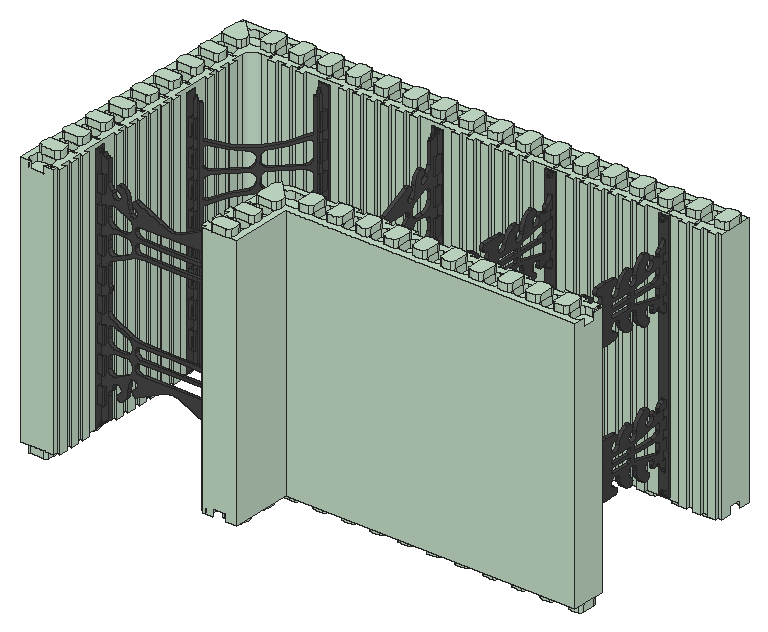
Revit family (continued)
Definition of nested family "10-inch Insert Web"
  Forms (mm)
    Extrusion 2, solid, material "High Density Polystyrene"
      sketch origin (0, 0, 0) x (0, 1, 0) y (0, 0, 1)
        loop
          line (98.425, 129.762) -> (83.82, 129.762)
          arc (83.82, 129.762) -> (74.84, 126.042) -> (71.12, 117.062) r 12.7
          line (71.12, 117.062) -> (71.12, 113.82)
          arc (71.12, 113.82) -> (73.104, 107.004) -> (78.437, 102.318) r 12.7
          line (78.437, 102.318) -> (100.738, 91.881)
          arc (100.738, 91.881) -> (109.887, 92.471) -> (114.3, 100.508) r 9.525
          line (114.3, 100.508) -> (114.3, 113.887)
        loop
          line (-78.437, 161.778) -> (-100.738, 172.215)
          arc (-100.738, 172.215) -> (-109.887, 171.625) -> (-114.3, 163.588) r 9.525
          line (-114.3, 163.588) -> (-114.3, 150.209)
          arc (-114.3, 150.209) -> (-109.65, 138.984) -> (-98.425, 134.334) r 15.875
          line (-98.425, 134.334) -> (-83.82, 134.334)
          arc (-83.82, 134.334) -> (-74.84, 138.054) -> (-71.12, 147.034) r 12.7
          line (-71.12, 147.034) -> (-71.12, 150.275)
          arc (-71.12, 150.275) -> (-73.104, 157.092) -> (-78.437, 161.778) r 12.7
        loop
          line (-114.3, 113.887) -> (-114.3, 100.508)
          arc (-114.3, 100.508) -> (-109.887, 92.471) -> (-100.738, 91.881) r 9.525
          line (-100.738, 91.881) -> (-78.437, 102.318)
          arc (-78.437, 102.318) -> (-73.104, 107.004) -> (-71.12, 113.82) r 12.7
          line (-71.12, 113.82) -> (-71.12, 117.062)
          arc (-71.12, 117.062) -> (-74.84, 126.042) -> (-83.82, 129.762) r 12.7
          line (-83.82, 129.762) -> (-98.425, 129.762)
          arc (-98.425, 129.762) -> (-109.65, 125.112) -> (-114.3, 113.887) r 15.875
      from 3.175 to -3.175
    Extrusion 3, solid, material "High Density Polystyrene"
      sketch origin (0, 0, 0) x (0, 1, 0) y (0, 0, 1)
        loop
          line (132.334, 410.919) -> (119.634, 410.919) -> (119.634, 380.439) -> (132.334, 380.439) -> (132.334, 410.919)
        loop
          line (132.334, 361.389) -> (119.634, 361.389) -> (119.634, 330.909) -> (132.334, 330.909) -> (132.334, 361.389)
        loop
          line (132.334, 311.859) -> (119.634, 311.859) -> (119.634, 281.379) -> (132.334, 281.379) -> (132.334, 311.859)
        loop
          line (132.334, 262.329) -> (119.634, 262.329) -> (119.634, 234.897) -> (132.334, 234.897) -> (132.334, 262.329)
        loop
          line (132.334, 215.847) -> (119.634, 215.847) -> (119.634, 188.415) -> (132.334, 188.415) -> (132.334, 215.847)
        loop
          line (132.334, 169.365) -> (119.634, 169.365) -> (119.634, 138.885) -> (132.334, 138.885) -> (132.334, 169.365)
        loop
          line (132.334, 119.835) -> (119.634, 119.835) -> (119.634, 89.355) -> (132.334, 89.355) -> (132.334, 119.835)
        loop
          line (132.334, 70.305) -> (119.634, 70.305) -> (119.634, 39.825) -> (132.334, 39.825) -> (132.334, 70.305)
        loop
          line (-132.334, 410.919) -> (-132.334, 380.439) -> (-119.634, 380.439) -> (-119.634, 410.919) -> (-132.334, 410.919)
        loop
          line (-132.334, 361.389) -> (-132.334, 330.909) -> (-119.634, 330.909) -> (-119.634, 361.389) -> (-132.334, 361.389)
        loop
          line (-132.334, 311.859) -> (-132.334, 281.379) -> (-119.634, 281.379) -> (-119.634, 311.859) -> (-132.334, 311.859)
        loop
          line (-132.334, 262.329) -> (-132.334, 234.897) -> (-119.634, 234.897) -> (-119.634, 262.329) -> (-132.334, 262.329)
        loop
          line (-132.334, 215.847) -> (-132.334, 188.415) -> (-119.634, 188.415) -> (-119.634, 215.847) -> (-132.334, 215.847)
        loop
          line (-132.334, 169.365) -> (-132.334, 138.885) -> (-119.634, 138.885) -> (-119.634, 169.365) -> (-132.334, 169.365)
        loop
          line (-132.334, 119.835) -> (-132.334, 89.355) -> (-119.634, 89.355) -> (-119.634, 119.835) -> (-132.334, 119.835)
        loop
          line (-132.334, 70.305) -> (-132.334, 39.825) -> (-119.634, 39.825) -> (-119.634, 70.305) -> (-132.334, 70.305)
      from 6.35 to -6.35
    Extrusion 4, void
      sketch origin (0, 50.8, 0) x (1, 0, 0) y (0, 1, 0)
        loop
          line (-6.35, 70.929) -> (-6.35, 68.834) -> (-4.255, 68.834)
          arc (-4.255, 68.834) -> (-5.736, 69.448) -> (-6.35, 70.929) r 2.095
      from 0 to 457.2
    Extrusion 5, void
      sketch origin (0, 50.8, 0) x (-1, 0, 0) y (0, -1, 0)
        loop
          arc (-6.35, -70.929) -> (-5.736, -69.448) -> (-4.255, -68.834) r 2.095
          line (-4.255, -68.834) -> (-6.35, -68.834) -> (-6.35, -70.929)
      from 0 to 457.2
    Extrusion 6, void
      sketch origin (0, -50.8, 0) x (1, 0, 0) y (0, 1, 0)
        loop
          arc (-6.35, -70.929) -> (-5.736, -69.448) -> (-4.255, -68.834) r 2.095
          line (-4.255, -68.834) -> (-6.35, -68.834) -> (-6.35, -70.929)
      from 0 to 457.2
    Extrusion 7, void
      sketch origin (0, -50.8, 0) x (-1, 0, 0) y (0, -1, 0)
        loop
          line (-6.35, 70.929) -> (-6.35, 68.834) -> (-4.255, 68.834)
          arc (-4.255, 68.834) -> (-5.736, 69.448) -> (-6.35, 70.929) r 2.095
      from 0 to 457.2
  Cuts and joins
    Extrusion 4, Extrusion 5, Extrusion 6, Extrusion 7 cuts Extrusion 1
    Extrusion 4, Extrusion 5, Extrusion 6, Extrusion 7 cuts Extrusion 3
Definition of nested family "10-inch Web"
  Reference planes
    plane 1 "Center (Front/Back)": y = 0
    plane 2: z = 0
    plane 3 "Center (Left/Right)": x = 0
  Forms (mm)
    Extrusion 1, solid, material "Polypropylene"
      sketch origin (0, 0, -12.7) x (0, 1, 0) y (0, 0, 1)
        loop
          arc (131.699, 25.02) -> (131.54, 24.651) -> (131.163, 24.513) r 0.508
          line (131.163, 24.513) -> (127.155, 24.735)
          arc (127.155, 24.735) -> (126.778, 24.597) -> (126.619, 24.228) r 0.508
          line (126.619, 24.228) -> (126.619, 22.419)
          arc (126.619, 22.419) -> (126.724, 22.033) -> (127.011, 21.753) r 0.762
          line (127.011, 21.753) -> (131.307, 19.367)
          arc (131.307, 19.367) -> (131.594, 19.087) -> (131.699, 18.7) r 0.762
          line (131.699, 18.7) -> (131.699, 25.02)
        loop
          line (-131.699, 25.02) -> (-131.699, 18.7)
          arc (-131.699, 18.7) -> (-131.594, 19.087) -> (-131.307, 19.367) r 0.762
          line (-131.307, 19.367) -> (-127.011, 21.753)
          arc (-127.011, 21.753) -> (-126.724, 22.033) -> (-126.619, 22.419) r 0.762
          line (-126.619, 22.419) -> (-126.619, 24.228)
          arc (-126.619, 24.228) -> (-126.778, 24.597) -> (-127.155, 24.735) r 0.508
          line (-127.155, 24.735) -> (-131.163, 24.513)
          arc (-131.163, 24.513) -> (-131.54, 24.651) -> (-131.699, 25.02) r 0.508
        loop
          line (125.959, 392.528) -> (125.959, 405.227) -> (123.292, 405.227) -> (123.292, 407.006) -> (129.324, 407.006)
          arc (129.324, 407.006) -> (130.447, 406.541) -> (130.912, 405.418) r 1.587
          line (130.912, 405.418) -> (130.912, 428.268)
          arc (130.912, 428.268) -> (128.581, 420.936) -> (122.445, 416.294) r 12.7
          arc (122.445, 416.294) -> (119.377, 413.974) -> (118.212, 410.308) r 6.35
          line (118.212, 410.308) -> (118.212, 408.593)
          arc (118.212, 408.593) -> (118.677, 407.47) -> (119.799, 407.006) r 1.588
          line (119.799, 407.006) -> (121.006, 407.006) -> (121.006, 405.227) -> (118.325, 405.227)
          arc (118.325, 405.227) -> (113.345, 406.096) -> (109.254, 409.064) r 11.21
          arc (109.254, 409.064) -> (104.925, 409.499) -> (104.225, 405.206) r 3.175
          arc (104.225, 405.206) -> (91.953, 393.08) -> (90.498, 410.271) r 9.525
          arc (90.498, 410.271) -> (94.276, 419.474) -> (85.072, 423.253) r 7.035
          arc (85.072, 423.253) -> (72.053, 413.152) -> (67.064, 397.446) r 27.726
          line (67.064, 397.446) -> (67.077, 393.256)
          arc (67.077, 393.256) -> (52.509, 385.897) -> (52.826, 402.215) r 9.525
          arc (52.826, 402.215) -> (56.604, 411.419) -> (47.401, 415.197) r 7.035
          arc (47.401, 415.197) -> (34.716, 406.933) -> (28.7, 393.041) r 26.266
          arc (28.7, 393.041) -> (14.132, 385.682) -> (14.449, 402.001) r 9.525
          arc (14.449, 402.001) -> (16.694, 402.706) -> (19.003, 403.158) r 21.187
          arc (19.003, 403.158) -> (23.197, 409.016) -> (18.131, 414.139) r 5.588
          arc (18.131, 414.139) -> (9.105, 415.393) -> (0, 415.784) r 95.946
          arc (0, 415.784) -> (-9.105, 415.393) -> (-18.131, 414.139) r 95.946
          arc (-18.131, 414.139) -> (-23.197, 409.016) -> (-19.003, 403.158) r 5.588
          arc (-19.003, 403.158) -> (-16.694, 402.706) -> (-14.449, 402.001) r 21.187
          arc (-14.449, 402.001) -> (-14.132, 385.682) -> (-28.7, 393.041) r 9.525
          arc (-28.7, 393.041) -> (-34.716, 406.933) -> (-47.401, 415.197) r 26.266
          arc (-47.401, 415.197) -> (-56.604, 411.419) -> (-52.826, 402.215) r 7.035
          arc (-52.826, 402.215) -> (-52.509, 385.897) -> (-67.077, 393.256) r 9.525
          line (-67.077, 393.256) -> (-67.064, 397.446)
          arc (-67.064, 397.446) -> (-72.053, 413.152) -> (-85.072, 423.253) r 27.726
          arc (-85.072, 423.253) -> (-94.276, 419.474) -> (-90.498, 410.271) r 7.035
          arc (-90.498, 410.271) -> (-91.953, 393.08) -> (-104.225, 405.206) r 9.525
          arc (-104.225, 405.206) -> (-104.925, 409.499) -> (-109.254, 409.064) r 3.175
          arc (-109.254, 409.064) -> (-113.345, 406.096) -> (-118.325, 405.227) r 11.21
          line (-118.325, 405.227) -> (-121.006, 405.227) -> (-121.006, 407.006) -> (-119.799, 407.006)
          arc (-119.799, 407.006) -> (-118.677, 407.47) -> (-118.212, 408.593) r 1.588
          line (-118.212, 408.593) -> (-118.212, 410.308)
          arc (-118.212, 410.308) -> (-119.377, 413.974) -> (-122.445, 416.294) r 6.35
          arc (-122.445, 416.294) -> (-128.581, 420.936) -> (-130.912, 428.268) r 12.7
          line (-130.912, 428.268) -> (-130.912, 405.418)
          arc (-130.912, 405.418) -> (-130.447, 406.541) -> (-129.324, 407.006) r 1.587
          line (-129.324, 407.006) -> (-123.292, 407.006) -> (-123.292, 405.227) -> (-125.959, 405.227) -> (-125.959, 392.528) -> (-123.292, 392.528) -> (-123.292, 390.75) -> (-130.112, 390.75)
          arc (-130.112, 390.75) -> (-131.234, 391.214) -> (-131.699, 392.337) r 1.587
          line (-131.699, 392.337) -> (-131.699, 372.398)
          arc (-131.699, 372.398) -> (-131.234, 373.521) -> (-130.111, 373.986) r 1.587
          line (-130.111, 373.986) -> (-123.292, 373.986) -> (-123.292, 372.208) -> (-125.959, 372.208) -> (-125.959, 359.508) -> (-123.292, 359.508) -> (-123.292, 357.73) -> (-130.112, 357.73)
          arc (-130.112, 357.73) -> (-131.234, 358.194) -> (-131.699, 359.317) r 1.587
          line (-131.699, 359.317) -> (-131.699, 339.378)
          arc (-131.699, 339.378) -> (-131.234, 340.501) -> (-130.111, 340.966) r 1.587
          line (-130.111, 340.966) -> (-123.292, 340.966) -> (-123.292, 339.188) -> (-125.959, 339.188) -> (-125.959, 326.488) -> (-123.292, 326.488) -> (-123.292, 324.71) -> (-130.112, 324.71)
          arc (-130.112, 324.71) -> (-131.234, 325.174) -> (-131.699, 326.297) r 1.588
          line (-131.699, 326.297) -> (-131.699, 311.067) -> (-128.372, 311.067)
          arc (-128.372, 311.067) -> (-125.73, 313.682) -> (-122.445, 315.421) r 12.7
          arc (-122.445, 315.421) -> (-119.377, 317.741) -> (-118.212, 321.408) r 6.35
          line (-118.212, 321.408) -> (-118.212, 323.122)
          arc (-118.212, 323.122) -> (-118.677, 324.245) -> (-119.799, 324.71) r 1.588
          line (-119.799, 324.71) -> (-121.006, 324.71) -> (-121.006, 326.488) -> (-118.325, 326.488)
          arc (-118.325, 326.488) -> (-113.345, 325.619) -> (-109.254, 322.651) r 11.21
          arc (-109.254, 322.651) -> (-104.925, 322.216) -> (-104.225, 326.509) r 3.175
          arc (-104.225, 326.509) -> (-91.953, 338.635) -> (-90.498, 321.444) r 9.525
          arc (-90.498, 321.444) -> (-94.276, 312.241) -> (-85.072, 308.462) r 7.035
          arc (-85.072, 308.462) -> (-72.053, 318.563) -> (-67.064, 334.269) r 27.726
          line (-67.064, 334.269) -> (-67.077, 338.459)
          arc (-67.077, 338.459) -> (-52.509, 345.818) -> (-52.826, 329.5) r 9.525
          arc (-52.826, 329.5) -> (-56.604, 320.296) -> (-47.401, 316.518) r 7.035
          arc (-47.401, 316.518) -> (-34.716, 324.782) -> (-28.7, 338.674) r 26.266
          arc (-28.7, 338.674) -> (-14.132, 346.033) -> (-14.449, 329.714) r 9.525
          arc (-14.449, 329.714) -> (-16.694, 329.009) -> (-19.003, 328.557) r 21.187
          arc (-19.003, 328.557) -> (-23.197, 322.699) -> (-18.131, 317.576) r 5.588
          arc (-18.131, 317.576) -> (-9.105, 316.323) -> (0, 315.931) r 95.946
          arc (0, 315.931) -> (9.105, 316.323) -> (18.131, 317.576) r 95.946
          arc (18.131, 317.576) -> (23.197, 322.699) -> (19.003, 328.557) r 5.588
          arc (19.003, 328.557) -> (16.694, 329.009) -> (14.449, 329.714) r 21.187
          arc (14.449, 329.714) -> (14.132, 346.033) -> (28.7, 338.674) r 9.525
          arc (28.7, 338.674) -> (34.716, 324.782) -> (47.401, 316.518) r 26.266
          arc (47.401, 316.518) -> (56.604, 320.296) -> (52.826, 329.5) r 7.035
          arc (52.826, 329.5) -> (52.509, 345.818) -> (67.077, 338.459) r 9.525
          line (67.077, 338.459) -> (67.064, 334.269)
          arc (67.064, 334.269) -> (72.053, 318.563) -> (85.072, 308.462) r 27.726
          arc (85.072, 308.462) -> (94.276, 312.241) -> (90.498, 321.444) r 7.035
          arc (90.498, 321.444) -> (91.953, 338.635) -> (104.225, 326.509) r 9.525
          arc (104.225, 326.509) -> (104.925, 322.216) -> (109.254, 322.651) r 3.175
          arc (109.254, 322.651) -> (113.345, 325.619) -> (118.325, 326.488) r 11.21
          line (118.325, 326.488) -> (121.006, 326.488) -> (121.006, 324.71) -> (119.799, 324.71)
          arc (119.799, 324.71) -> (118.677, 324.245) -> (118.212, 323.122) r 1.588
          line (118.212, 323.122) -> (118.212, 321.408)
          arc (118.212, 321.408) -> (119.377, 317.741) -> (122.445, 315.421) r 6.35
          arc (122.445, 315.421) -> (125.73, 313.682) -> (128.372, 311.067) r 12.7
          line (128.372, 311.067) -> (131.699, 311.067) -> (131.699, 326.297)
          arc (131.699, 326.297) -> (131.234, 325.174) -> (130.112, 324.71) r 1.588
          line (130.112, 324.71) -> (123.292, 324.71) -> (123.292, 326.488) -> (125.959, 326.488) -> (125.959, 339.188) -> (123.292, 339.188) -> (123.292, 340.966) -> (130.111, 340.966)
          arc (130.111, 340.966) -> (131.234, 340.501) -> (131.699, 339.378) r 1.587
          line (131.699, 339.378) -> (131.699, 359.317)
          arc (131.699, 359.317) -> (131.234, 358.194) -> (130.112, 357.73) r 1.587
          line (130.112, 357.73) -> (123.292, 357.73) -> (123.292, 359.508) -> (125.959, 359.508) -> (125.959, 372.208) -> (123.292, 372.208) -> (123.292, 373.986) -> (130.111, 373.986)
          arc (130.111, 373.986) -> (131.234, 373.521) -> (131.699, 372.398) r 1.587
          line (131.699, 372.398) -> (131.699, 392.337)
          arc (131.699, 392.337) -> (131.234, 391.214) -> (130.112, 390.75) r 1.587
          line (130.112, 390.75) -> (123.292, 390.75) -> (123.292, 392.528) -> (125.959, 392.528)
        loop
          line (118.339, 372.208) -> (121.006, 372.208) -> (121.006, 373.986) -> (119.799, 373.986)
          arc (119.799, 373.986) -> (118.677, 374.45) -> (118.212, 375.573) r 1.588
          line (118.212, 375.573) -> (118.212, 389.162)
          arc (118.212, 389.162) -> (118.677, 390.285) -> (119.799, 390.75) r 1.588
          line (119.799, 390.75) -> (121.006, 390.75) -> (121.006, 392.528) -> (118.339, 392.528) -> (62.013, 379.913)
          arc (62.013, 379.913) -> (60.228, 378.8) -> (59.531, 376.815) r 3.175
          line (59.531, 376.815) -> (59.531, 371.423)
          arc (59.531, 371.423) -> (60.461, 369.178) -> (62.706, 368.248) r 3.175
          line (62.706, 368.248) -> (104.299, 368.248)
          arc (104.299, 368.248) -> (110.167, 369.293) -> (115.707, 371.488) r 29.724
          arc (115.707, 371.488) -> (116.978, 372.012) -> (118.339, 372.208) r 5.556
        loop
          line (118.339, 339.188) -> (121.006, 339.188) -> (121.006, 340.966) -> (119.799, 340.966)
          arc (119.799, 340.966) -> (118.677, 341.43) -> (118.212, 342.553) r 1.588
          line (118.212, 342.553) -> (118.212, 356.142)
          arc (118.212, 356.142) -> (118.677, 357.265) -> (119.799, 357.73) r 1.588
          line (119.799, 357.73) -> (121.006, 357.73) -> (121.006, 359.508) -> (118.339, 359.508)
          arc (118.339, 359.508) -> (116.978, 359.703) -> (115.707, 360.227) r 5.556
          arc (115.707, 360.227) -> (110.167, 362.422) -> (104.299, 363.467) r 29.724
          line (104.299, 363.467) -> (62.706, 363.467)
          arc (62.706, 363.467) -> (60.461, 362.537) -> (59.531, 360.292) r 3.175
          line (59.531, 360.292) -> (59.531, 354.9)
          arc (59.531, 354.9) -> (60.228, 352.916) -> (62.013, 351.802) r 3.175
          line (62.013, 351.802) -> (118.339, 339.188)
        loop
          line (131.699, 457.58) -> (131.699, 463.9)
          arc (131.699, 463.9) -> (131.594, 463.513) -> (131.307, 463.233) r 0.762
          line (131.307, 463.233) -> (127.011, 460.847)
          arc (127.011, 460.847) -> (126.724, 460.567) -> (126.619, 460.181) r 0.762
          line (126.619, 460.181) -> (126.619, 458.372)
          arc (126.619, 458.372) -> (126.778, 458.003) -> (127.155, 457.865) r 0.508
          line (127.155, 457.865) -> (131.163, 458.087)
          arc (131.163, 458.087) -> (131.54, 457.949) -> (131.699, 457.58) r 0.508
        loop
          arc (-131.699, 457.58) -> (-131.54, 457.949) -> (-131.163, 458.087) r 0.508
          line (-131.163, 458.087) -> (-127.155, 457.865)
          arc (-127.155, 457.865) -> (-126.778, 458.003) -> (-126.619, 458.372) r 0.508
          line (-126.619, 458.372) -> (-126.619, 460.181)
          arc (-126.619, 460.181) -> (-126.724, 460.567) -> (-127.011, 460.847) r 0.762
          line (-127.011, 460.847) -> (-131.307, 463.233)
          arc (-131.307, 463.233) -> (-131.594, 463.513) -> (-131.699, 463.9) r 0.762
          line (-131.699, 463.9) -> (-131.699, 457.58)
        loop
          line (51.594, 379.293) -> (15.031, 379.293)
          arc (15.031, 379.293) -> (9.519, 373.782) -> (15.031, 368.27) r 5.512
          line (15.031, 368.27) -> (51.594, 368.27)
          arc (51.594, 368.27) -> (53.839, 369.2) -> (54.769, 371.445) r 3.175
          line (54.769, 371.445) -> (54.769, 376.118)
          arc (54.769, 376.118) -> (53.839, 378.363) -> (51.594, 379.293) r 3.175
        loop
          line (15.031, 352.422) -> (51.594, 352.422)
          arc (51.594, 352.422) -> (53.839, 353.352) -> (54.769, 355.597) r 3.175
          line (54.769, 355.597) -> (54.769, 360.27)
          arc (54.769, 360.27) -> (53.839, 362.515) -> (51.594, 363.445) r 3.175
          line (51.594, 363.445) -> (15.031, 363.445)
          arc (15.031, 363.445) -> (9.519, 357.933) -> (15.031, 352.422) r 5.512
        loop
          arc (-118.339, 372.208) -> (-116.978, 372.012) -> (-115.707, 371.488) r 5.556
          arc (-115.707, 371.488) -> (-110.167, 369.293) -> (-104.299, 368.248) r 29.724
          line (-104.299, 368.248) -> (-62.706, 368.248)
          arc (-62.706, 368.248) -> (-60.461, 369.178) -> (-59.531, 371.423) r 3.175
          line (-59.531, 371.423) -> (-59.531, 376.815)
          arc (-59.531, 376.815) -> (-60.228, 378.8) -> (-62.013, 379.913) r 3.175
          line (-62.013, 379.913) -> (-118.339, 392.528) -> (-121.006, 392.528) -> (-121.006, 390.75) -> (-119.799, 390.75)
          arc (-119.799, 390.75) -> (-118.677, 390.285) -> (-118.212, 389.162) r 1.588
          line (-118.212, 389.162) -> (-118.212, 375.573)
          arc (-118.212, 375.573) -> (-118.677, 374.45) -> (-119.799, 373.986) r 1.588
          line (-119.799, 373.986) -> (-121.006, 373.986) -> (-121.006, 372.208) -> (-118.339, 372.208)
        loop
          line (-118.339, 339.188) -> (-62.013, 351.802)
          arc (-62.013, 351.802) -> (-60.228, 352.916) -> (-59.531, 354.9) r 3.175
          line (-59.531, 354.9) -> (-59.531, 360.292)
          arc (-59.531, 360.292) -> (-60.461, 362.537) -> (-62.706, 363.467) r 3.175
          line (-62.706, 363.467) -> (-104.299, 363.467)
          arc (-104.299, 363.467) -> (-110.167, 362.422) -> (-115.707, 360.227) r 29.724
          arc (-115.707, 360.227) -> (-116.978, 359.703) -> (-118.339, 359.508) r 5.556
          line (-118.339, 359.508) -> (-121.006, 359.508) -> (-121.006, 357.73) -> (-119.799, 357.73)
          arc (-119.799, 357.73) -> (-118.677, 357.265) -> (-118.212, 356.142) r 1.588
          line (-118.212, 356.142) -> (-118.212, 342.553)
          arc (-118.212, 342.553) -> (-118.677, 341.43) -> (-119.799, 340.966) r 1.588
          line (-119.799, 340.966) -> (-121.006, 340.966) -> (-121.006, 339.188) -> (-118.339, 339.188)
        loop
          arc (-51.594, 379.293) -> (-53.839, 378.363) -> (-54.769, 376.118) r 3.175
          line (-54.769, 376.118) -> (-54.769, 371.445)
          arc (-54.769, 371.445) -> (-53.839, 369.2) -> (-51.594, 368.27) r 3.175
          line (-51.594, 368.27) -> (-15.031, 368.27)
          arc (-15.031, 368.27) -> (-9.519, 373.782) -> (-15.031, 379.293) r 5.512
          line (-15.031, 379.293) -> (-51.594, 379.293)
        loop
          arc (-15.031, 352.422) -> (-9.519, 357.933) -> (-15.031, 363.445) r 5.512
          line (-15.031, 363.445) -> (-51.594, 363.445)
          arc (-51.594, 363.445) -> (-53.839, 362.515) -> (-54.769, 360.27) r 3.175
          line (-54.769, 360.27) -> (-54.769, 355.597)
          arc (-54.769, 355.597) -> (-53.839, 353.352) -> (-51.594, 352.422) r 3.175
          line (-51.594, 352.422) -> (-15.031, 352.422)
        loop
          line (125.959, 90.072) -> (123.292, 90.072) -> (123.292, 91.85) -> (130.112, 91.85)
          arc (130.112, 91.85) -> (131.234, 91.386) -> (131.699, 90.263) r 1.587
          line (131.699, 90.263) -> (131.699, 110.202)
          arc (131.699, 110.202) -> (131.234, 109.079) -> (130.111, 108.614) r 1.587
          line (130.111, 108.614) -> (123.292, 108.614) -> (123.292, 110.392) -> (125.959, 110.392) -> (125.959, 123.092) -> (123.292, 123.092) -> (123.292, 124.87) -> (130.112, 124.87)
          arc (130.112, 124.87) -> (131.234, 124.406) -> (131.699, 123.283) r 1.587
          line (131.699, 123.283) -> (131.699, 143.222)
          arc (131.699, 143.222) -> (131.234, 142.099) -> (130.111, 141.634) r 1.587
          line (130.111, 141.634) -> (123.292, 141.634) -> (123.292, 143.412) -> (125.959, 143.412) -> (125.959, 156.112) -> (123.292, 156.112) -> (123.292, 157.89) -> (130.112, 157.89)
          arc (130.112, 157.89) -> (131.234, 157.426) -> (131.699, 156.303) r 1.588
          line (131.699, 156.303) -> (131.699, 171.533) -> (128.372, 171.533)
          arc (128.372, 171.533) -> (125.73, 168.918) -> (122.445, 167.179) r 12.7
          arc (122.445, 167.179) -> (119.377, 164.859) -> (118.212, 161.192) r 6.35
          line (118.212, 161.192) -> (118.212, 159.478)
          arc (118.212, 159.478) -> (118.677, 158.355) -> (119.799, 157.89) r 1.588
          line (119.799, 157.89) -> (121.006, 157.89) -> (121.006, 156.112) -> (118.325, 156.112)
          arc (118.325, 156.112) -> (113.345, 156.981) -> (109.254, 159.949) r 11.21
          arc (109.254, 159.949) -> (104.925, 160.384) -> (104.225, 156.091) r 3.175
          arc (104.225, 156.091) -> (91.953, 143.965) -> (90.498, 161.156) r 9.525
          arc (90.498, 161.156) -> (94.276, 170.359) -> (85.072, 174.138) r 7.035
          arc (85.072, 174.138) -> (72.053, 164.037) -> (67.064, 148.331) r 27.726
          line (67.064, 148.331) -> (67.077, 144.141)
          arc (67.077, 144.141) -> (52.509, 136.782) -> (52.826, 153.1) r 9.525
          arc (52.826, 153.1) -> (56.604, 162.304) -> (47.401, 166.082) r 7.035
          arc (47.401, 166.082) -> (34.716, 157.818) -> (28.7, 143.926) r 26.266
          arc (28.7, 143.926) -> (14.132, 136.567) -> (14.449, 152.886) r 9.525
          arc (14.449, 152.886) -> (16.694, 153.591) -> (19.003, 154.043) r 21.187
          arc (19.003, 154.043) -> (23.197, 159.901) -> (18.131, 165.024) r 5.588
          arc (18.131, 165.024) -> (9.105, 166.277) -> (0, 166.669) r 95.946
          arc (0, 166.669) -> (-9.105, 166.277) -> (-18.131, 165.024) r 95.946
          arc (-18.131, 165.024) -> (-23.197, 159.901) -> (-19.003, 154.043) r 5.588
          arc (-19.003, 154.043) -> (-16.694, 153.591) -> (-14.449, 152.886) r 21.187
          arc (-14.449, 152.886) -> (-14.132, 136.567) -> (-28.7, 143.926) r 9.525
          arc (-28.7, 143.926) -> (-34.716, 157.818) -> (-47.401, 166.082) r 26.266
          arc (-47.401, 166.082) -> (-56.604, 162.304) -> (-52.826, 153.1) r 7.035
          arc (-52.826, 153.1) -> (-52.509, 136.782) -> (-67.077, 144.141) r 9.525
          line (-67.077, 144.141) -> (-67.064, 148.331)
          arc (-67.064, 148.331) -> (-72.053, 164.037) -> (-85.072, 174.138) r 27.726
          arc (-85.072, 174.138) -> (-94.276, 170.359) -> (-90.498, 161.156) r 7.035
          arc (-90.498, 161.156) -> (-91.953, 143.965) -> (-104.225, 156.091) r 9.525
          arc (-104.225, 156.091) -> (-104.925, 160.384) -> (-109.254, 159.949) r 3.175
          arc (-109.254, 159.949) -> (-113.345, 156.981) -> (-118.325, 156.112) r 11.21
          line (-118.325, 156.112) -> (-121.006, 156.112) -> (-121.006, 157.89) -> (-119.799, 157.89)
          arc (-119.799, 157.89) -> (-118.677, 158.355) -> (-118.212, 159.478) r 1.588
          line (-118.212, 159.478) -> (-118.212, 161.192)
          arc (-118.212, 161.192) -> (-119.377, 164.859) -> (-122.445, 167.179) r 6.35
          arc (-122.445, 167.179) -> (-125.73, 168.918) -> (-128.372, 171.533) r 12.7
          line (-128.372, 171.533) -> (-131.699, 171.533) -> (-131.699, 156.303)
          arc (-131.699, 156.303) -> (-131.234, 157.426) -> (-130.112, 157.89) r 1.588
          line (-130.112, 157.89) -> (-123.292, 157.89) -> (-123.292, 156.112) -> (-125.959, 156.112) -> (-125.959, 143.412) -> (-123.292, 143.412) -> (-123.292, 141.634) -> (-130.111, 141.634)
          arc (-130.111, 141.634) -> (-131.234, 142.099) -> (-131.699, 143.222) r 1.587
          line (-131.699, 143.222) -> (-131.699, 123.283)
          arc (-131.699, 123.283) -> (-131.234, 124.406) -> (-130.112, 124.87) r 1.587
          line (-130.112, 124.87) -> (-123.292, 124.87) -> (-123.292, 123.092) -> (-125.959, 123.092) -> (-125.959, 110.392) -> (-123.292, 110.392) -> (-123.292, 108.614) -> (-130.111, 108.614)
          arc (-130.111, 108.614) -> (-131.234, 109.079) -> (-131.699, 110.202) r 1.587
          line (-131.699, 110.202) -> (-131.699, 90.263)
          arc (-131.699, 90.263) -> (-131.234, 91.386) -> (-130.112, 91.85) r 1.587
          line (-130.112, 91.85) -> (-123.292, 91.85) -> (-123.292, 90.072) -> (-125.959, 90.072) -> (-125.959, 77.373) -> (-123.292, 77.373) -> (-123.292, 75.594) -> (-129.324, 75.594)
          arc (-129.324, 75.594) -> (-130.447, 76.059) -> (-130.912, 77.182) r 1.587
          line (-130.912, 77.182) -> (-130.912, 54.332)
          arc (-130.912, 54.332) -> (-128.581, 61.664) -> (-122.445, 66.306) r 12.7
          arc (-122.445, 66.306) -> (-119.377, 68.626) -> (-118.212, 72.292) r 6.35
          line (-118.212, 72.292) -> (-118.212, 74.007)
          arc (-118.212, 74.007) -> (-118.677, 75.13) -> (-119.799, 75.594) r 1.588
          line (-119.799, 75.594) -> (-121.006, 75.594) -> (-121.006, 77.373) -> (-118.325, 77.373)
          arc (-118.325, 77.373) -> (-113.345, 76.504) -> (-109.254, 73.536) r 11.21
          arc (-109.254, 73.536) -> (-104.925, 73.101) -> (-104.225, 77.394) r 3.175
          arc (-104.225, 77.394) -> (-91.953, 89.52) -> (-90.498, 72.329) r 9.525
          arc (-90.498, 72.329) -> (-94.276, 63.126) -> (-85.072, 59.347) r 7.035
          arc (-85.072, 59.347) -> (-72.053, 69.448) -> (-67.064, 85.154) r 27.726
          line (-67.064, 85.154) -> (-67.077, 89.344)
          arc (-67.077, 89.344) -> (-52.509, 96.703) -> (-52.826, 80.385) r 9.525
          arc (-52.826, 80.385) -> (-56.604, 71.181) -> (-47.401, 67.403) r 7.035
          arc (-47.401, 67.403) -> (-34.716, 75.667) -> (-28.7, 89.559) r 26.266
          arc (-28.7, 89.559) -> (-14.132, 96.918) -> (-14.449, 80.599) r 9.525
          arc (-14.449, 80.599) -> (-16.694, 79.894) -> (-19.003, 79.442) r 21.187
          arc (-19.003, 79.442) -> (-23.197, 73.584) -> (-18.131, 68.461) r 5.588
          arc (-18.131, 68.461) -> (-9.105, 67.207) -> (0, 66.816) r 95.946
          arc (0, 66.816) -> (9.105, 67.207) -> (18.131, 68.461) r 95.946
          arc (18.131, 68.461) -> (23.197, 73.584) -> (19.003, 79.442) r 5.588
          arc (19.003, 79.442) -> (16.694, 79.894) -> (14.449, 80.599) r 21.187
          arc (14.449, 80.599) -> (14.132, 96.918) -> (28.7, 89.559) r 9.525
          arc (28.7, 89.559) -> (34.716, 75.667) -> (47.401, 67.403) r 26.266
          arc (47.401, 67.403) -> (56.604, 71.181) -> (52.826, 80.385) r 7.035
          arc (52.826, 80.385) -> (52.509, 96.703) -> (67.077, 89.344) r 9.525
          line (67.077, 89.344) -> (67.064, 85.154)
          arc (67.064, 85.154) -> (72.053, 69.448) -> (85.072, 59.347) r 27.726
          arc (85.072, 59.347) -> (94.276, 63.126) -> (90.498, 72.329) r 7.035
          arc (90.498, 72.329) -> (91.953, 89.52) -> (104.225, 77.394) r 9.525
          arc (104.225, 77.394) -> (104.925, 73.101) -> (109.254, 73.536) r 3.175
          arc (109.254, 73.536) -> (113.345, 76.504) -> (118.325, 77.373) r 11.21
          line (118.325, 77.373) -> (121.006, 77.373) -> (121.006, 75.594) -> (119.799, 75.594)
          arc (119.799, 75.594) -> (118.677, 75.13) -> (118.212, 74.007) r 1.588
          line (118.212, 74.007) -> (118.212, 72.292)
          arc (118.212, 72.292) -> (119.377, 68.626) -> (122.445, 66.306) r 6.35
          arc (122.445, 66.306) -> (128.581, 61.664) -> (130.912, 54.332) r 12.7
          line (130.912, 54.332) -> (130.912, 77.182)
          arc (130.912, 77.182) -> (130.447, 76.059) -> (129.324, 75.594) r 1.587
          line (129.324, 75.594) -> (123.292, 75.594) -> (123.292, 77.373) -> (125.959, 77.373) -> (125.959, 90.072)
        loop
          arc (118.339, 110.392) -> (116.978, 110.588) -> (115.707, 111.112) r 5.556
          arc (115.707, 111.112) -> (110.167, 113.307) -> (104.299, 114.352) r 29.724
          line (104.299, 114.352) -> (62.706, 114.352)
          arc (62.706, 114.352) -> (60.461, 113.422) -> (59.531, 111.177) r 3.175
          line (59.531, 111.177) -> (59.531, 105.785)
          arc (59.531, 105.785) -> (60.228, 103.8) -> (62.013, 102.687) r 3.175
          line (62.013, 102.687) -> (118.339, 90.072) -> (121.006, 90.072) -> (121.006, 91.85) -> (119.799, 91.85)
          arc (119.799, 91.85) -> (118.677, 92.315) -> (118.212, 93.438) r 1.588
          line (118.212, 93.438) -> (118.212, 107.027)
          arc (118.212, 107.027) -> (118.677, 108.15) -> (119.799, 108.614) r 1.588
          line (119.799, 108.614) -> (121.006, 108.614) -> (121.006, 110.392) -> (118.339, 110.392)
        loop
          line (118.339, 143.412) -> (62.013, 130.798)
          arc (62.013, 130.798) -> (60.228, 129.684) -> (59.531, 127.7) r 3.175
          line (59.531, 127.7) -> (59.531, 122.308)
          arc (59.531, 122.308) -> (60.461, 120.063) -> (62.706, 119.133) r 3.175
          line (62.706, 119.133) -> (104.299, 119.133)
          arc (104.299, 119.133) -> (110.167, 120.178) -> (115.707, 122.373) r 29.724
          arc (115.707, 122.373) -> (116.978, 122.897) -> (118.339, 123.092) r 5.556
          line (118.339, 123.092) -> (121.006, 123.092) -> (121.006, 124.87) -> (119.799, 124.87)
          arc (119.799, 124.87) -> (118.677, 125.335) -> (118.212, 126.458) r 1.588
          line (118.212, 126.458) -> (118.212, 140.047)
          arc (118.212, 140.047) -> (118.677, 141.17) -> (119.799, 141.634) r 1.588
          line (119.799, 141.634) -> (121.006, 141.634) -> (121.006, 143.412) -> (118.339, 143.412)
        loop
          arc (51.594, 103.307) -> (53.839, 104.237) -> (54.769, 106.482) r 3.175
          line (54.769, 106.482) -> (54.769, 111.155)
          arc (54.769, 111.155) -> (53.839, 113.4) -> (51.594, 114.33) r 3.175
          line (51.594, 114.33) -> (15.031, 114.33)
          arc (15.031, 114.33) -> (9.519, 108.818) -> (15.031, 103.307) r 5.512
          line (15.031, 103.307) -> (51.594, 103.307)
        loop
          arc (15.031, 130.178) -> (9.519, 124.667) -> (15.031, 119.155) r 5.512
          line (15.031, 119.155) -> (51.594, 119.155)
          arc (51.594, 119.155) -> (53.839, 120.085) -> (54.769, 122.33) r 3.175
          line (54.769, 122.33) -> (54.769, 127.003)
          arc (54.769, 127.003) -> (53.839, 129.248) -> (51.594, 130.178) r 3.175
          line (51.594, 130.178) -> (15.031, 130.178)
        loop
          line (-118.339, 110.392) -> (-121.006, 110.392) -> (-121.006, 108.614) -> (-119.799, 108.614)
          arc (-119.799, 108.614) -> (-118.677, 108.15) -> (-118.212, 107.027) r 1.588
          line (-118.212, 107.027) -> (-118.212, 93.438)
          arc (-118.212, 93.438) -> (-118.677, 92.315) -> (-119.799, 91.85) r 1.588
          line (-119.799, 91.85) -> (-121.006, 91.85) -> (-121.006, 90.072) -> (-118.339, 90.072) -> (-62.013, 102.687)
          arc (-62.013, 102.687) -> (-60.228, 103.8) -> (-59.531, 105.785) r 3.175
          line (-59.531, 105.785) -> (-59.531, 111.177)
          arc (-59.531, 111.177) -> (-60.461, 113.422) -> (-62.706, 114.352) r 3.175
          line (-62.706, 114.352) -> (-104.299, 114.352)
          arc (-104.299, 114.352) -> (-110.167, 113.307) -> (-115.707, 111.112) r 29.724
          arc (-115.707, 111.112) -> (-116.978, 110.588) -> (-118.339, 110.392) r 5.556
        loop
          line (-118.339, 143.412) -> (-121.006, 143.412) -> (-121.006, 141.634) -> (-119.799, 141.634)
          arc (-119.799, 141.634) -> (-118.677, 141.17) -> (-118.212, 140.047) r 1.588
          line (-118.212, 140.047) -> (-118.212, 126.458)
          arc (-118.212, 126.458) -> (-118.677, 125.335) -> (-119.799, 124.87) r 1.588
          line (-119.799, 124.87) -> (-121.006, 124.87) -> (-121.006, 123.092) -> (-118.339, 123.092)
          arc (-118.339, 123.092) -> (-116.978, 122.897) -> (-115.707, 122.373) r 5.556
          arc (-115.707, 122.373) -> (-110.167, 120.178) -> (-104.299, 119.133) r 29.724
          line (-104.299, 119.133) -> (-62.706, 119.133)
          arc (-62.706, 119.133) -> (-60.461, 120.063) -> (-59.531, 122.308) r 3.175
          line (-59.531, 122.308) -> (-59.531, 127.7)
          arc (-59.531, 127.7) -> (-60.228, 129.684) -> (-62.013, 130.798) r 3.175
          line (-62.013, 130.798) -> (-118.339, 143.412)
        loop
          line (-51.594, 103.307) -> (-15.031, 103.307)
          arc (-15.031, 103.307) -> (-9.519, 108.818) -> (-15.031, 114.33) r 5.512
          line (-15.031, 114.33) -> (-51.594, 114.33)
          arc (-51.594, 114.33) -> (-53.839, 113.4) -> (-54.769, 111.155) r 3.175
          line (-54.769, 111.155) -> (-54.769, 106.482)
          arc (-54.769, 106.482) -> (-53.839, 104.237) -> (-51.594, 103.307) r 3.175
        loop
          line (-15.031, 130.178) -> (-51.594, 130.178)
          arc (-51.594, 130.178) -> (-53.839, 129.248) -> (-54.769, 127.003) r 3.175
          line (-54.769, 127.003) -> (-54.769, 122.33)
          arc (-54.769, 122.33) -> (-53.839, 120.085) -> (-51.594, 119.155) r 3.175
          line (-51.594, 119.155) -> (-15.031, 119.155)
          arc (-15.031, 119.155) -> (-9.519, 124.667) -> (-15.031, 130.178) r 5.512
      from -3.175 to 3.175
    Extrusion 2, solid, material "Polypropylene"
      sketch origin (0, 0, 0) x (0, 1, 0) y (0, 0, 1)
        loop
          line (131.699, 452.438) -> (131.699, 4.762)
          arc (131.699, 4.762) -> (132.187, 3.618) -> (133.35, 3.176) r 1.588
          arc (133.35, 3.176) -> (134.513, 3.618) -> (135.001, 4.762) r 1.588
          line (135.001, 4.762) -> (135.001, 452.437)
          arc (135.001, 452.437) -> (134.513, 453.582) -> (133.35, 454.024) r 1.588
          arc (133.35, 454.024) -> (132.187, 453.582) -> (131.699, 452.438) r 1.588
        loop
          arc (-131.699, 452.438) -> (-132.187, 453.582) -> (-133.35, 454.024) r 1.588
          arc (-133.35, 454.024) -> (-134.513, 453.582) -> (-135.001, 452.437) r 1.588
          line (-135.001, 452.437) -> (-135.001, 4.762)
          arc (-135.001, 4.762) -> (-134.513, 3.618) -> (-133.35, 3.176) r 1.588
          arc (-133.35, 3.176) -> (-132.187, 3.618) -> (-131.699, 4.762) r 1.588
          line (-131.699, 4.762) -> (-131.699, 452.438)
      from -9.227 to 9.227
Definition of nested family "NUDURA 10-inch Corner Insert Web"
  Reference planes
    plane 1 "Center (Front/Back)": y = 0
    plane 2: z = 0
    plane 3 "Center (Left/Right)": x = 0
  Forms (mm)
    Extrusion 1, solid, material "Polypropylene"
      sketch origin (0, 46.037, 6.604) x (0, 1, 0) y (0, 0, 1)
        loop
          line (35.719, 0) -> (35.719, 420.18) -> (32.544, 420.18) -> (32.544, 359.855)
          arc (32.544, 359.855) -> (-46.038, 343.98) -> (-124.619, 359.855) r 202.426
          line (-124.619, 359.855) -> (-124.619, 420.18) -> (-127.794, 420.18) -> (-127.794, 0) -> (-124.619, 0) -> (-124.619, 60.325)
          arc (-124.619, 60.325) -> (-46.038, 76.2) -> (32.544, 60.325) r 202.426
          line (32.544, 60.325) -> (32.544, 0) -> (35.719, 0)
        loop
          arc (19.844, 309.849) -> (28.824, 313.569) -> (32.544, 322.549) r 12.7
          line (32.544, 322.549) -> (32.544, 345.485)
          arc (32.544, 345.485) -> (30.083, 350.505) -> (24.607, 351.634) r 6.35
          arc (24.607, 351.634) -> (-4.712, 343.381) -> (-34.925, 339.516) r 207.189
          arc (-34.925, 339.516) -> (-44.485, 324.683) -> (-34.925, 309.849) r 16.288
          line (-34.925, 309.849) -> (19.844, 309.849)
        loop
          line (19.844, 305.087) -> (-34.925, 305.087)
          arc (-34.925, 305.087) -> (-44.485, 290.253) -> (-34.925, 275.42) r 16.288
          arc (-34.925, 275.42) -> (-4.712, 271.555) -> (24.607, 263.302) r 207.189
          arc (24.607, 263.302) -> (30.083, 264.431) -> (32.544, 269.451) r 6.35
          line (32.544, 269.451) -> (32.544, 292.387)
          arc (32.544, 292.387) -> (28.824, 301.367) -> (19.844, 305.087) r 12.7
        loop
          arc (-124.619, 269.451) -> (-122.158, 264.431) -> (-116.682, 263.302) r 6.35
          arc (-116.682, 263.302) -> (-87.363, 271.555) -> (-57.15, 275.42) r 207.189
          arc (-57.15, 275.42) -> (-47.59, 290.253) -> (-57.15, 305.087) r 16.288
          line (-57.15, 305.087) -> (-111.919, 305.087)
          arc (-111.919, 305.087) -> (-120.899, 301.367) -> (-124.619, 292.387) r 12.7
          line (-124.619, 292.387) -> (-124.619, 269.451)
        loop
          line (-124.619, 345.485) -> (-124.619, 322.549)
          arc (-124.619, 322.549) -> (-120.899, 313.569) -> (-111.919, 309.849) r 12.7
          line (-111.919, 309.849) -> (-57.15, 309.849)
          arc (-57.15, 309.849) -> (-47.59, 324.683) -> (-57.15, 339.516) r 16.288
          arc (-57.15, 339.516) -> (-87.363, 343.381) -> (-116.682, 351.634) r 207.189
          arc (-116.682, 351.634) -> (-122.158, 350.505) -> (-124.619, 345.485) r 6.35
        loop
          arc (-124.619, 165.1) -> (-46.038, 149.225) -> (32.544, 165.1) r 202.426
          line (32.544, 165.1) -> (32.544, 255.08)
          arc (32.544, 255.08) -> (-46.038, 270.955) -> (-124.619, 255.08) r 202.426
          line (-124.619, 255.08) -> (-124.619, 165.1)
        loop
          line (19.844, 110.331) -> (-34.925, 110.331)
          arc (-34.925, 110.331) -> (-44.485, 95.498) -> (-34.925, 80.664) r 16.288
          arc (-34.925, 80.664) -> (-4.712, 76.799) -> (24.607, 68.547) r 207.189
          arc (24.607, 68.547) -> (30.083, 69.676) -> (32.544, 74.695) r 6.35
          line (32.544, 74.695) -> (32.544, 97.631)
          arc (32.544, 97.631) -> (28.824, 106.612) -> (19.844, 110.331) r 12.7
        loop
          arc (19.844, 115.094) -> (28.824, 118.813) -> (32.544, 127.794) r 12.7
          line (32.544, 127.794) -> (32.544, 150.73)
          arc (32.544, 150.73) -> (30.083, 155.749) -> (24.607, 156.878) r 6.35
          arc (24.607, 156.878) -> (-4.712, 148.626) -> (-34.925, 144.761) r 207.189
          arc (-34.925, 144.761) -> (-44.485, 129.927) -> (-34.925, 115.094) r 16.288
          line (-34.925, 115.094) -> (19.844, 115.094)
        loop
          line (-124.619, 150.73) -> (-124.619, 127.794)
          arc (-124.619, 127.794) -> (-120.899, 118.813) -> (-111.919, 115.094) r 12.7
          line (-111.919, 115.094) -> (-57.15, 115.094)
          arc (-57.15, 115.094) -> (-47.59, 129.927) -> (-57.15, 144.761) r 16.288
          arc (-57.15, 144.761) -> (-87.363, 148.626) -> (-116.682, 156.878) r 207.189
          arc (-116.682, 156.878) -> (-122.158, 155.749) -> (-124.619, 150.73) r 6.35
        loop
          arc (-124.619, 74.695) -> (-122.158, 69.676) -> (-116.682, 68.547) r 6.35
          arc (-116.682, 68.547) -> (-87.363, 76.799) -> (-57.15, 80.664) r 207.189
          arc (-57.15, 80.664) -> (-47.59, 95.498) -> (-57.15, 110.331) r 16.288
          line (-57.15, 110.331) -> (-111.919, 110.331)
          arc (-111.919, 110.331) -> (-120.899, 106.612) -> (-124.619, 97.631) r 12.7
          line (-124.619, 97.631) -> (-124.619, 74.695)
      from -3.175 to 3.175
    Extrusion 2, solid, material "Polypropylene"
      sketch origin (0, -11.472, 602.181) x (0, 1, 0) y (0, 0, 1)
        loop
          line (-78.222, -595.577) -> (-76.317, -601.419)
          arc (-76.317, -601.419) -> (-75.047, -602.181) -> (-73.777, -601.419) r 1.439
          line (-73.777, -601.419) -> (-71.872, -595.577) -> (-71.872, -175.397) -> (-73.777, -169.555)
          arc (-73.777, -169.555) -> (-75.047, -168.793) -> (-76.317, -169.555) r 1.439
          line (-76.317, -169.555) -> (-78.222, -175.397) -> (-78.222, -595.577)
      from 3.599 to 9.949
    Extrusion 3, solid, material "Polypropylene"
      sketch origin (0, 161.566, 602.181) x (0, 1, 0) y (0, 0, 1)
        loop
          line (-78.222, -595.577) -> (-76.317, -601.419)
          arc (-76.317, -601.419) -> (-75.047, -602.181) -> (-73.777, -601.419) r 1.439
          line (-73.777, -601.419) -> (-71.872, -595.577) -> (-71.872, -175.397) -> (-73.777, -169.555)
          arc (-73.777, -169.555) -> (-75.047, -168.793) -> (-76.317, -169.555) r 1.439
          line (-76.317, -169.555) -> (-78.222, -175.397) -> (-78.222, -595.577)
      from 3.599 to 9.949
    Extrusion 4, solid, material "Polypropylene"
      sketch origin (0, 10.319, 0) x (1, 0, 0) y (0, 1, 0)
        loop
          line (3.175, -89.002) -> (3.175, -92.075) -> (2.353, -92.075) -> (3.599, -96.736) -> (3.599, -93.663) -> (4.421, -93.663) -> (3.175, -89.002)
      from 6.604 to 426.784
    Extrusion 5, solid, material "Polypropylene"
      sketch origin (0, -10.319, 0) x (1, 0, 0) y (0, 1, 0)
        loop
          line (3.175, 89.002) -> (4.421, 93.663) -> (3.599, 93.663) -> (3.599, 96.736) -> (2.353, 92.075) -> (3.175, 92.075) -> (3.175, 89.002)
      from 6.604 to 426.784
Definition of nested family "NUDURA Diamond Pattern"
  Reference planes
    plane 1 "Center (Front/Back)": y = 0
    plane 2: z = 0
    plane 3 "Center (Left/Right)": x = 0
    plane 4: z = 457.2
  Lines and regions (mm)
    model lines
      curve 1: line (203.2, -142.875, 457.2) -> (203.2, -142.875, 0)
      curve 2: line (152.4, -142.875, 457.2) -> (152.4, -142.875, 0)
      curve 3: line (50.8, -142.875, 457.2) -> (50.8, -142.875, 0)
      curve 4: line (85.183, -142.875, 431.415) -> (93.906, -142.875, 422.692)
      curve 5: arc (85.183, -142.875, 444.885) -> (82.394, -142.875, 438.15) -> (85.183, -142.875, 431.415) r 9.525
      curve 6: line (94.708, -142.875, 454.41) -> (85.183, -142.875, 444.885)
      curve 7: arc (108.179, -142.875, 454.41) -> (101.444, -142.875, 457.2) -> (94.708, -142.875, 454.41) r 9.525
      curve 8: line (117.704, -142.875, 444.885) -> (108.179, -142.875, 454.41)
      curve 9: arc (117.704, -142.875, 431.415) -> (120.494, -142.875, 438.15) -> (117.704, -142.875, 444.885) r 9.525
      curve 10: line (108.981, -142.875, 422.692) -> (117.704, -142.875, 431.415)
      curve 11: arc (105.934, -142.875, 452.165) -> (101.444, -142.875, 454.025) -> (96.953, -142.875, 452.165) r 6.35
      curve 12: line (115.459, -142.875, 442.64) -> (105.934, -142.875, 452.165)
      curve 13: arc (115.459, -142.875, 433.66) -> (117.319, -142.875, 438.15) -> (115.459, -142.875, 442.64) r 6.35
      curve 14: line (105.934, -142.875, 424.135) -> (115.459, -142.875, 433.66)
      curve 15: arc (96.953, -142.875, 424.135) -> (101.444, -142.875, 422.275) -> (105.934, -142.875, 424.135) r 6.35
      curve 16: line (87.428, -142.875, 433.66) -> (96.953, -142.875, 424.135)
      curve 17: arc (87.428, -142.875, 442.64) -> (85.569, -142.875, 438.15) -> (87.428, -142.875, 433.66) r 6.35
      curve 18: line (96.953, -142.875, 452.165) -> (87.428, -142.875, 442.64)
      curve 19: arc (93.906, -142.875, 415.508) -> (95.394, -142.875, 419.1) -> (93.906, -142.875, 422.692) r 5.08
      curve 20: line (117.704, -142.875, 406.785) -> (108.981, -142.875, 415.508)
      curve 21: arc (117.704, -142.875, 393.315) -> (120.494, -142.875, 400.05) -> (117.704, -142.875, 406.785) r 9.525
      curve 22: line (108.981, -142.875, 384.592) -> (117.704, -142.875, 393.315)
      curve 23: line (85.183, -142.875, 393.315) -> (93.906, -142.875, 384.592)
      curve 24: arc (85.183, -142.875, 406.785) -> (82.394, -142.875, 400.05) -> (85.183, -142.875, 393.315) r 9.525
      curve 25: line (93.906, -142.875, 415.508) -> (85.183, -142.875, 406.785)
      curve 26: arc (105.934, -142.875, 414.065) -> (101.444, -142.875, 415.925) -> (96.953, -142.875, 414.065) r 6.35
      curve 27: line (96.953, -142.875, 414.065) -> (87.428, -142.875, 404.54)
      curve 28: arc (87.428, -142.875, 404.54) -> (85.569, -142.875, 400.05) -> (87.428, -142.875, 395.56) r 6.35
      curve 29: line (87.428, -142.875, 395.56) -> (96.953, -142.875, 386.035)
      curve 30: arc (96.953, -142.875, 386.035) -> (101.444, -142.875, 384.175) -> (105.934, -142.875, 386.035) r 6.35
      curve 31: line (105.934, -142.875, 386.035) -> (115.459, -142.875, 395.56)
      curve 32: arc (115.459, -142.875, 395.56) -> (117.319, -142.875, 400.05) -> (115.459, -142.875, 404.54) r 6.35
      curve 33: line (115.459, -142.875, 404.54) -> (105.934, -142.875, 414.065)
      curve 34: arc (93.906, -142.875, 377.408) -> (95.394, -142.875, 381) -> (93.906, -142.875, 384.592) r 5.08
      curve 35: line (117.704, -142.875, 368.685) -> (108.981, -142.875, 377.408)
      curve 36: arc (117.704, -142.875, 355.215) -> (120.494, -142.875, 361.95) -> (117.704, -142.875, 368.685) r 9.525
      curve 37: line (108.981, -142.875, 346.492) -> (117.704, -142.875, 355.215)
      curve 38: line (85.183, -142.875, 355.215) -> (93.906, -142.875, 346.492)
      curve 39: arc (85.183, -142.875, 368.685) -> (82.394, -142.875, 361.95) -> (85.183, -142.875, 355.215) r 9.525
      curve 40: line (93.906, -142.875, 377.408) -> (85.183, -142.875, 368.685)
      curve 41: arc (105.934, -142.875, 375.965) -> (101.444, -142.875, 377.825) -> (96.953, -142.875, 375.965) r 6.35
      curve 42: line (96.953, -142.875, 375.965) -> (87.428, -142.875, 366.44)
      curve 43: arc (87.428, -142.875, 366.44) -> (85.569, -142.875, 361.95) -> (87.428, -142.875, 357.46) r 6.35
      curve 44: line (87.428, -142.875, 357.46) -> (96.953, -142.875, 347.935)
      curve 45: arc (96.953, -142.875, 347.935) -> (101.444, -142.875, 346.075) -> (105.934, -142.875, 347.935) r 6.35
      curve 46: line (105.934, -142.875, 347.935) -> (115.459, -142.875, 357.46)
      curve 47: arc (115.459, -142.875, 357.46) -> (117.319, -142.875, 361.95) -> (115.459, -142.875, 366.44) r 6.35
      curve 48: line (115.459, -142.875, 366.44) -> (105.934, -142.875, 375.965)
      curve 49: arc (93.906, -142.875, 339.308) -> (95.394, -142.875, 342.9) -> (93.906, -142.875, 346.492) r 5.08
      curve 50: line (117.704, -142.875, 330.585) -> (108.981, -142.875, 339.308)
      curve 51: arc (117.704, -142.875, 317.115) -> (120.494, -142.875, 323.85) -> (117.704, -142.875, 330.585) r 9.525
      curve 52: line (108.981, -142.875, 308.392) -> (117.704, -142.875, 317.115)
      curve 53: line (85.183, -142.875, 317.115) -> (93.906, -142.875, 308.392)
      curve 54: arc (85.183, -142.875, 330.585) -> (82.394, -142.875, 323.85) -> (85.183, -142.875, 317.115) r 9.525
      curve 55: line (93.906, -142.875, 339.308) -> (85.183, -142.875, 330.585)
      curve 56: arc (105.934, -142.875, 337.865) -> (101.444, -142.875, 339.725) -> (96.953, -142.875, 337.865) r 6.35
      curve 57: line (96.953, -142.875, 337.865) -> (87.428, -142.875, 328.34)
      curve 58: arc (87.428, -142.875, 328.34) -> (85.569, -142.875, 323.85) -> (87.428, -142.875, 319.36) r 6.35
      curve 59: line (87.428, -142.875, 319.36) -> (96.953, -142.875, 309.835)
      curve 60: arc (96.953, -142.875, 309.835) -> (101.444, -142.875, 307.975) -> (105.934, -142.875, 309.835) r 6.35
      curve 61: line (105.934, -142.875, 309.835) -> (115.459, -142.875, 319.36)
      curve 62: arc (115.459, -142.875, 319.36) -> (117.319, -142.875, 323.85) -> (115.459, -142.875, 328.34) r 6.35
      curve 63: line (115.459, -142.875, 328.34) -> (105.934, -142.875, 337.865)
      curve 64: arc (93.906, -142.875, 301.208) -> (95.394, -142.875, 304.8) -> (93.906, -142.875, 308.392) r 5.08
      curve 65: line (117.704, -142.875, 292.485) -> (108.981, -142.875, 301.208)
      curve 66: arc (117.704, -142.875, 279.015) -> (120.494, -142.875, 285.75) -> (117.704, -142.875, 292.485) r 9.525
      curve 67: line (108.981, -142.875, 270.292) -> (117.704, -142.875, 279.015)
      curve 68: line (85.183, -142.875, 279.015) -> (93.906, -142.875, 270.292)
      curve 69: arc (85.183, -142.875, 292.485) -> (82.394, -142.875, 285.75) -> (85.183, -142.875, 279.015) r 9.525
      curve 70: line (93.906, -142.875, 301.208) -> (85.183, -142.875, 292.485)
      curve 71: arc (105.934, -142.875, 299.765) -> (101.444, -142.875, 301.625) -> (96.953, -142.875, 299.765) r 6.35
      curve 72: line (96.953, -142.875, 299.765) -> (87.428, -142.875, 290.24)
      curve 73: arc (87.428, -142.875, 290.24) -> (85.569, -142.875, 285.75) -> (87.428, -142.875, 281.26) r 6.35
      curve 74: line (87.428, -142.875, 281.26) -> (96.953, -142.875, 271.735)
      curve 75: arc (96.953, -142.875, 271.735) -> (101.444, -142.875, 269.875) -> (105.934, -142.875, 271.735) r 6.35
      curve 76: line (105.934, -142.875, 271.735) -> (115.459, -142.875, 281.26)
      curve 77: arc (115.459, -142.875, 281.26) -> (117.319, -142.875, 285.75) -> (115.459, -142.875, 290.24) r 6.35
      curve 78: line (115.459, -142.875, 290.24) -> (105.934, -142.875, 299.765)
      curve 79: arc (93.906, -142.875, 263.108) -> (95.394, -142.875, 266.7) -> (93.906, -142.875, 270.292) r 5.08
      curve 80: line (117.704, -142.875, 254.385) -> (108.981, -142.875, 263.108)
      curve 81: arc (117.704, -142.875, 240.915) -> (120.494, -142.875, 247.65) -> (117.704, -142.875, 254.385) r 9.525
      curve 82: line (108.981, -142.875, 232.192) -> (117.704, -142.875, 240.915)
      curve 83: line (85.183, -142.875, 240.915) -> (93.906, -142.875, 232.192)
      curve 84: arc (85.183, -142.875, 254.385) -> (82.394, -142.875, 247.65) -> (85.183, -142.875, 240.915) r 9.525
      curve 85: line (93.906, -142.875, 263.108) -> (85.183, -142.875, 254.385)
      curve 86: arc (105.934, -142.875, 261.665) -> (101.444, -142.875, 263.525) -> (96.953, -142.875, 261.665) r 6.35
      curve 87: line (96.953, -142.875, 261.665) -> (87.428, -142.875, 252.14)
      curve 88: arc (87.428, -142.875, 252.14) -> (85.569, -142.875, 247.65) -> (87.428, -142.875, 243.16) r 6.35
      curve 89: line (87.428, -142.875, 243.16) -> (96.953, -142.875, 233.635)
      curve 90: arc (96.953, -142.875, 233.635) -> (101.444, -142.875, 231.775) -> (105.934, -142.875, 233.635) r 6.35
      curve 91: line (105.934, -142.875, 233.635) -> (115.459, -142.875, 243.16)
      curve 92: arc (115.459, -142.875, 243.16) -> (117.319, -142.875, 247.65) -> (115.459, -142.875, 252.14) r 6.35
      curve 93: line (115.459, -142.875, 252.14) -> (105.934, -142.875, 261.665)
      curve 94: arc (93.906, -142.875, 225.008) -> (95.394, -142.875, 228.6) -> (93.906, -142.875, 232.192) r 5.08
      curve 95: line (117.704, -142.875, 216.285) -> (108.981, -142.875, 225.008)
      curve 96: arc (117.704, -142.875, 202.815) -> (120.494, -142.875, 209.55) -> (117.704, -142.875, 216.285) r 9.525
      curve 97: line (108.981, -142.875, 194.092) -> (117.704, -142.875, 202.815)
      curve 98: line (85.183, -142.875, 202.815) -> (93.906, -142.875, 194.092)
      curve 99: arc (85.183, -142.875, 216.285) -> (82.394, -142.875, 209.55) -> (85.183, -142.875, 202.815) r 9.525
      curve 100: line (93.906, -142.875, 225.008) -> (85.183, -142.875, 216.285)
      curve 101: arc (105.934, -142.875, 223.565) -> (101.444, -142.875, 225.425) -> (96.953, -142.875, 223.565) r 6.35
      curve 102: line (96.953, -142.875, 223.565) -> (87.428, -142.875, 214.04)
      curve 103: arc (87.428, -142.875, 214.04) -> (85.569, -142.875, 209.55) -> (87.428, -142.875, 205.06) r 6.35
      curve 104: line (87.428, -142.875, 205.06) -> (96.953, -142.875, 195.535)
      curve 105: arc (96.953, -142.875, 195.535) -> (101.444, -142.875, 193.675) -> (105.934, -142.875, 195.535) r 6.35
      curve 106: line (105.934, -142.875, 195.535) -> (115.459, -142.875, 205.06)
      curve 107: arc (115.459, -142.875, 205.06) -> (117.319, -142.875, 209.55) -> (115.459, -142.875, 214.04) r 6.35
      curve 108: line (115.459, -142.875, 214.04) -> (105.934, -142.875, 223.565)
      curve 109: arc (93.906, -142.875, 186.908) -> (95.394, -142.875, 190.5) -> (93.906, -142.875, 194.092) r 5.08
      curve 110: line (117.704, -142.875, 178.185) -> (108.981, -142.875, 186.908)
      curve 111: arc (117.704, -142.875, 164.715) -> (120.494, -142.875, 171.45) -> (117.704, -142.875, 178.185) r 9.525
      curve 112: line (108.981, -142.875, 155.992) -> (117.704, -142.875, 164.715)
      curve 113: line (85.183, -142.875, 164.715) -> (93.906, -142.875, 155.992)
      curve 114: arc (85.183, -142.875, 178.185) -> (82.394, -142.875, 171.45) -> (85.183, -142.875, 164.715) r 9.525
      curve 115: line (93.906, -142.875, 186.908) -> (85.183, -142.875, 178.185)
      curve 116: arc (105.934, -142.875, 185.465) -> (101.444, -142.875, 187.325) -> (96.953, -142.875, 185.465) r 6.35
      curve 117: line (96.953, -142.875, 185.465) -> (87.428, -142.875, 175.94)
      curve 118: arc (87.428, -142.875, 175.94) -> (85.569, -142.875, 171.45) -> (87.428, -142.875, 166.96) r 6.35
      curve 119: line (87.428, -142.875, 166.96) -> (96.953, -142.875, 157.435)
      curve 120: arc (96.953, -142.875, 157.435) -> (101.444, -142.875, 155.575) -> (105.934, -142.875, 157.435) r 6.35
      curve 121: line (105.934, -142.875, 157.435) -> (115.459, -142.875, 166.96)
      curve 122: arc (115.459, -142.875, 166.96) -> (117.319, -142.875, 171.45) -> (115.459, -142.875, 175.94) r 6.35
      curve 123: line (115.459, -142.875, 175.94) -> (105.934, -142.875, 185.465)
      curve 124: arc (93.906, -142.875, 148.808) -> (95.394, -142.875, 152.4) -> (93.906, -142.875, 155.992) r 5.08
      curve 125: line (117.704, -142.875, 140.085) -> (108.981, -142.875, 148.808)
      curve 126: arc (117.704, -142.875, 126.615) -> (120.494, -142.875, 133.35) -> (117.704, -142.875, 140.085) r 9.525
      curve 127: line (108.981, -142.875, 117.892) -> (117.704, -142.875, 126.615)
      curve 128: line (85.183, -142.875, 126.615) -> (93.906, -142.875, 117.892)
      curve 129: arc (85.183, -142.875, 140.085) -> (82.394, -142.875, 133.35) -> (85.183, -142.875, 126.615) r 9.525
      curve 130: line (93.906, -142.875, 148.808) -> (85.183, -142.875, 140.085)
      curve 131: arc (105.934, -142.875, 147.365) -> (101.444, -142.875, 149.225) -> (96.953, -142.875, 147.365) r 6.35
      curve 132: line (96.953, -142.875, 147.365) -> (87.428, -142.875, 137.84)
      curve 133: arc (87.428, -142.875, 137.84) -> (85.569, -142.875, 133.35) -> (87.428, -142.875, 128.86) r 6.35
      curve 134: line (87.428, -142.875, 128.86) -> (96.953, -142.875, 119.335)
      curve 135: arc (96.953, -142.875, 119.335) -> (101.444, -142.875, 117.475) -> (105.934, -142.875, 119.335) r 6.35
      curve 136: line (105.934, -142.875, 119.335) -> (115.459, -142.875, 128.86)
      curve 137: arc (115.459, -142.875, 128.86) -> (117.319, -142.875, 133.35) -> (115.459, -142.875, 137.84) r 6.35
      curve 138: line (115.459, -142.875, 137.84) -> (105.934, -142.875, 147.365)
      curve 139: arc (93.906, -142.875, 110.708) -> (95.394, -142.875, 114.3) -> (93.906, -142.875, 117.892) r 5.08
      curve 140: line (117.704, -142.875, 101.985) -> (108.981, -142.875, 110.708)
      curve 141: arc (117.704, -142.875, 88.515) -> (120.494, -142.875, 95.25) -> (117.704, -142.875, 101.985) r 9.525
      curve 142: line (108.981, -142.875, 79.792) -> (117.704, -142.875, 88.515)
      curve 143: line (85.183, -142.875, 88.515) -> (93.906, -142.875, 79.792)
      curve 144: arc (85.183, -142.875, 101.985) -> (82.394, -142.875, 95.25) -> (85.183, -142.875, 88.515) r 9.525
      curve 145: line (93.906, -142.875, 110.708) -> (85.183, -142.875, 101.985)
      curve 146: arc (105.934, -142.875, 109.265) -> (101.444, -142.875, 111.125) -> (96.953, -142.875, 109.265) r 6.35
      curve 147: line (96.953, -142.875, 109.265) -> (87.428, -142.875, 99.74)
      curve 148: arc (87.428, -142.875, 99.74) -> (85.569, -142.875, 95.25) -> (87.428, -142.875, 90.76) r 6.35
      curve 149: line (87.428, -142.875, 90.76) -> (96.953, -142.875, 81.235)
      curve 150: arc (96.953, -142.875, 81.235) -> (101.444, -142.875, 79.375) -> (105.934, -142.875, 81.235) r 6.35
      curve 151: line (105.934, -142.875, 81.235) -> (115.459, -142.875, 90.76)
      curve 152: arc (115.459, -142.875, 90.76) -> (117.319, -142.875, 95.25) -> (115.459, -142.875, 99.74) r 6.35
      curve 153: line (115.459, -142.875, 99.74) -> (105.934, -142.875, 109.265)
      curve 154: arc (93.906, -142.875, 72.608) -> (95.394, -142.875, 76.2) -> (93.906, -142.875, 79.792) r 5.08
      curve 155: line (117.704, -142.875, 63.885) -> (108.981, -142.875, 72.608)
      curve 156: arc (117.704, -142.875, 50.415) -> (120.494, -142.875, 57.15) -> (117.704, -142.875, 63.885) r 9.525
      curve 157: line (108.981, -142.875, 41.692) -> (117.704, -142.875, 50.415)
      curve 158: line (85.183, -142.875, 50.415) -> (93.906, -142.875, 41.692)
